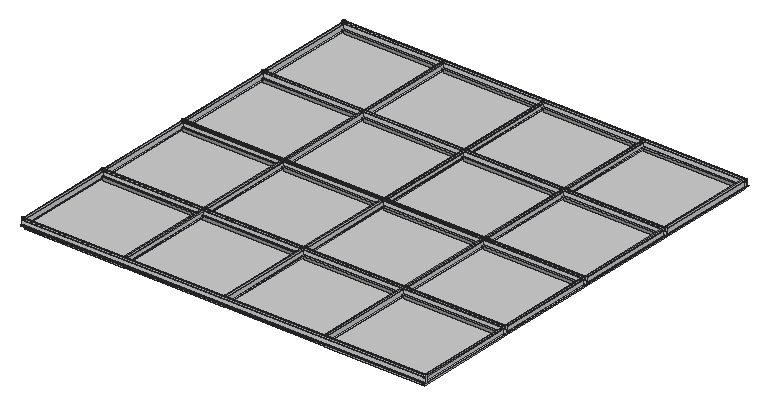
Revit family "GRD-TLE-021_TILE 001_RFA", category Modelos genéricos, Revit 2022 (continued)
Forms (in)
  Extrusion 357, solid, not visible
    sketch origin (48.02754, 106.90856, 0) x (1, 0, 0) y (0, 0, 1)
      loop
        line (0.31489, 2.14095) -> (0.31489, 1.72991)
        arc (0.31489, 1.72991) -> (0.32752, 1.69941) -> (0.35803, 1.68677) r 0.04314
        line (0.35803, 1.68677) -> (0.39803, 1.68677)
        arc (0.39803, 1.68677) -> (0.41512, 1.67969) -> (0.42221, 1.66259) r 0.02418
      loop
        arc (0.33294, 1.7291) -> (0.34005, 1.71194) -> (0.35722, 1.70483) r 0.02428
        line (0.35722, 1.70483) -> (0.39815, 1.70483)
        arc (0.39815, 1.70483) -> (0.42797, 1.69248) -> (0.44023, 1.66266) r 0.04217
        arc (0.44023, 1.66266) -> (0.45258, 1.69248) -> (0.4824, 1.70483) r 0.04217
        line (0.4824, 1.70483) -> (0.52333, 1.70483)
        arc (0.52333, 1.70483) -> (0.54049, 1.71194) -> (0.54761, 1.7291) r 0.02428
        line (0.54761, 1.7291) -> (0.54761, 2.15016) -> (0.45704, 2.24072)
        arc (0.45704, 2.24072) -> (0.44027, 2.24767) -> (0.42351, 2.24072) r 0.02371
        line (0.42351, 2.24072) -> (0.33294, 2.15016) -> (0.33294, 1.7291)
    from 58.93614 to 81.99864
  Extrusion 358, solid, not visible
    sketch origin (72.02767, 106.90856, 0) x (1, 0, 0) y (0, 0, 1)
      loop
        line (0.42221, 1.66259) -> (0.42231, 0.67354)
        arc (0.42231, 0.67354) -> (0.41009, 0.64403) -> (0.38057, 0.6318) r 0.04174
        line (0.38057, 0.6318) -> (-0.00639, 0.6318) -> (-0.00639, 0.59057) -> (0.8874, 0.59057) -> (0.8874, 0.6318) -> (0.49998, 0.6318)
        arc (0.49998, 0.6318) -> (0.47046, 0.64403) -> (0.45824, 0.67354) r 0.04174
        line (0.45824, 0.67354) -> (0.45834, 1.66259)
        arc (0.45834, 1.66259) -> (0.46543, 1.67969) -> (0.48252, 1.68677) r 0.02418
        line (0.48252, 1.68677) -> (0.52252, 1.68677)
        arc (0.52252, 1.68677) -> (0.55303, 1.69941) -> (0.56566, 1.72991) r 0.04314
        line (0.56566, 1.72991) -> (0.56566, 2.14095)
        arc (0.56566, 2.14095) -> (0.5626, 2.15637) -> (0.55386, 2.16944) r 0.04029
        line (0.55386, 2.16944) -> (0.47053, 2.25277)
        arc (0.47053, 2.25277) -> (0.44027, 2.2653) -> (0.41002, 2.25277) r 0.04279
        line (0.41002, 2.25277) -> (0.32669, 2.16944)
        arc (0.32669, 2.16944) -> (0.31795, 2.15637) -> (0.31489, 2.14095) r 0.04029
        line (0.31489, 2.14095) -> (0.31489, 1.72991)
        arc (0.31489, 1.72991) -> (0.32752, 1.69941) -> (0.35803, 1.68677) r 0.04314
        line (0.35803, 1.68677) -> (0.39803, 1.68677)
        arc (0.39803, 1.68677) -> (0.41512, 1.67969) -> (0.42221, 1.66259) r 0.02418
      loop
        arc (0.33294, 1.7291) -> (0.34005, 1.71194) -> (0.35722, 1.70483) r 0.02428
        line (0.35722, 1.70483) -> (0.39815, 1.70483)
        arc (0.39815, 1.70483) -> (0.42797, 1.69248) -> (0.44023, 1.66266) r 0.04217
        arc (0.44023, 1.66266) -> (0.45258, 1.69248) -> (0.4824, 1.70483) r 0.04217
        line (0.4824, 1.70483) -> (0.52333, 1.70483)
        arc (0.52333, 1.70483) -> (0.54049, 1.71194) -> (0.54761, 1.7291) r 0.02428
        line (0.54761, 1.7291) -> (0.54761, 2.15016) -> (0.45704, 2.24072)
        arc (0.45704, 2.24072) -> (0.44027, 2.24767) -> (0.42351, 2.24072) r 0.02371
        line (0.42351, 2.24072) -> (0.33294, 2.15016) -> (0.33294, 1.7291)
    from 58.93614 to 81.99864
  Extrusion 359, solid, not visible
    sketch origin (96.02767, 106.90856, 0) x (1, 0, 0) y (0, 0, 1)
      loop
        line (0.42221, 1.66259) -> (0.42231, 0.67354)
        arc (0.42231, 0.67354) -> (0.41009, 0.64403) -> (0.38057, 0.6318) r 0.04174
        line (0.38057, 0.6318) -> (-0.00639, 0.6318) -> (-0.00639, 0.59057) -> (0.8874, 0.59057) -> (0.8874, 0.6318) -> (0.49998, 0.6318)
        arc (0.49998, 0.6318) -> (0.47046, 0.64403) -> (0.45824, 0.67354) r 0.04174
        line (0.45824, 0.67354) -> (0.45834, 1.66259)
        arc (0.45834, 1.66259) -> (0.46543, 1.67969) -> (0.48252, 1.68677) r 0.02418
        line (0.48252, 1.68677) -> (0.52252, 1.68677)
        arc (0.52252, 1.68677) -> (0.55303, 1.69941) -> (0.56566, 1.72991) r 0.04314
        line (0.56566, 1.72991) -> (0.56566, 2.14095)
        arc (0.56566, 2.14095) -> (0.5626, 2.15637) -> (0.55386, 2.16944) r 0.04029
        line (0.55386, 2.16944) -> (0.47053, 2.25277)
        arc (0.47053, 2.25277) -> (0.44027, 2.2653) -> (0.41002, 2.25277) r 0.04279
        line (0.41002, 2.25277) -> (0.32669, 2.16944)
        arc (0.32669, 2.16944) -> (0.31795, 2.15637) -> (0.31489, 2.14095) r 0.04029
        line (0.31489, 2.14095) -> (0.31489, 1.72991)
        arc (0.31489, 1.72991) -> (0.32752, 1.69941) -> (0.35803, 1.68677) r 0.04314
        line (0.35803, 1.68677) -> (0.39803, 1.68677)
        arc (0.39803, 1.68677) -> (0.41512, 1.67969) -> (0.42221, 1.66259) r 0.02418
      loop
        arc (0.33294, 1.7291) -> (0.34005, 1.71194) -> (0.35722, 1.70483) r 0.02428
        line (0.35722, 1.70483) -> (0.39815, 1.70483)
        arc (0.39815, 1.70483) -> (0.42797, 1.69248) -> (0.44023, 1.66266) r 0.04217
        arc (0.44023, 1.66266) -> (0.45258, 1.69248) -> (0.4824, 1.70483) r 0.04217
        line (0.4824, 1.70483) -> (0.52333, 1.70483)
        arc (0.52333, 1.70483) -> (0.54049, 1.71194) -> (0.54761, 1.7291) r 0.02428
        line (0.54761, 1.7291) -> (0.54761, 2.15016) -> (0.45704, 2.24072)
        arc (0.45704, 2.24072) -> (0.44027, 2.24767) -> (0.42351, 2.24072) r 0.02371
        line (0.42351, 2.24072) -> (0.33294, 2.15016) -> (0.33294, 1.7291)
    from 58.93614 to 81.99864
  Extrusion 360, solid, not visible
    sketch origin (24.02767, 106.90856, 0) x (1, 0, 0) y (0, 0, 1)
      loop
        line (0.42221, 1.66259) -> (0.42231, 0.67354)
        arc (0.42231, 0.67354) -> (0.41009, 0.64403) -> (0.38057, 0.6318) r 0.04174
        line (0.38057, 0.6318) -> (-0.00639, 0.6318) -> (-0.00639, 0.59057) -> (0.8874, 0.59057) -> (0.8874, 0.6318) -> (0.49998, 0.6318)
        arc (0.49998, 0.6318) -> (0.47046, 0.64403) -> (0.45824, 0.67354) r 0.04174
        line (0.45824, 0.67354) -> (0.45834, 1.66259)
        arc (0.45834, 1.66259) -> (0.46543, 1.67969) -> (0.48252, 1.68677) r 0.02418
        line (0.48252, 1.68677) -> (0.52252, 1.68677)
        arc (0.52252, 1.68677) -> (0.55303, 1.69941) -> (0.56566, 1.72991) r 0.04314
        line (0.56566, 1.72991) -> (0.56566, 2.14095)
        arc (0.56566, 2.14095) -> (0.5626, 2.15637) -> (0.55386, 2.16944) r 0.04029
        line (0.55386, 2.16944) -> (0.47053, 2.25277)
        arc (0.47053, 2.25277) -> (0.44027, 2.2653) -> (0.41002, 2.25277) r 0.04279
        line (0.41002, 2.25277) -> (0.32669, 2.16944)
        arc (0.32669, 2.16944) -> (0.31795, 2.15637) -> (0.31489, 2.14095) r 0.04029
        line (0.31489, 2.14095) -> (0.31489, 1.72991)
        arc (0.31489, 1.72991) -> (0.32752, 1.69941) -> (0.35803, 1.68677) r 0.04314
        line (0.35803, 1.68677) -> (0.39803, 1.68677)
        arc (0.39803, 1.68677) -> (0.41512, 1.67969) -> (0.42221, 1.66259) r 0.02418
      loop
        arc (0.33294, 1.7291) -> (0.34005, 1.71194) -> (0.35722, 1.70483) r 0.02428
        line (0.35722, 1.70483) -> (0.39815, 1.70483)
        arc (0.39815, 1.70483) -> (0.42797, 1.69248) -> (0.44023, 1.66266) r 0.04217
        arc (0.44023, 1.66266) -> (0.45258, 1.69248) -> (0.4824, 1.70483) r 0.04217
        line (0.4824, 1.70483) -> (0.52333, 1.70483)
        arc (0.52333, 1.70483) -> (0.54049, 1.71194) -> (0.54761, 1.7291) r 0.02428
        line (0.54761, 1.7291) -> (0.54761, 2.15016) -> (0.45704, 2.24072)
        arc (0.45704, 2.24072) -> (0.44027, 2.24767) -> (0.42351, 2.24072) r 0.02371
        line (0.42351, 2.24072) -> (0.33294, 2.15016) -> (0.33294, 1.7291)
    from 58.93614 to 81.99864
  Extrusion 361, solid, not visible
    sketch origin (0.02767, 106.90856, 0) x (1, 0, 0) y (0, 0, 1)
      loop
        line (0.42221, 1.66259) -> (0.42231, 0.67354)
        arc (0.42231, 0.67354) -> (0.41009, 0.64403) -> (0.38057, 0.6318) r 0.04174
        line (0.38057, 0.6318) -> (-0.00639, 0.6318) -> (-0.00639, 0.59057) -> (0.8874, 0.59057) -> (0.8874, 0.6318) -> (0.49998, 0.6318)
        arc (0.49998, 0.6318) -> (0.47046, 0.64403) -> (0.45824, 0.67354) r 0.04174
        line (0.45824, 0.67354) -> (0.45834, 1.66259)
        arc (0.45834, 1.66259) -> (0.46543, 1.67969) -> (0.48252, 1.68677) r 0.02418
        line (0.48252, 1.68677) -> (0.52252, 1.68677)
        arc (0.52252, 1.68677) -> (0.55303, 1.69941) -> (0.56566, 1.72991) r 0.04314
        line (0.56566, 1.72991) -> (0.56566, 2.14095)
        arc (0.56566, 2.14095) -> (0.5626, 2.15637) -> (0.55386, 2.16944) r 0.04029
        line (0.55386, 2.16944) -> (0.47053, 2.25277)
        arc (0.47053, 2.25277) -> (0.44027, 2.2653) -> (0.41002, 2.25277) r 0.04279
        line (0.41002, 2.25277) -> (0.32669, 2.16944)
        arc (0.32669, 2.16944) -> (0.31795, 2.15637) -> (0.31489, 2.14095) r 0.04029
        line (0.31489, 2.14095) -> (0.31489, 1.72991)
        arc (0.31489, 1.72991) -> (0.32752, 1.69941) -> (0.35803, 1.68677) r 0.04314
        line (0.35803, 1.68677) -> (0.39803, 1.68677)
        arc (0.39803, 1.68677) -> (0.41512, 1.67969) -> (0.42221, 1.66259) r 0.02418
      loop
        arc (0.33294, 1.7291) -> (0.34005, 1.71194) -> (0.35722, 1.70483) r 0.02428
        line (0.35722, 1.70483) -> (0.39815, 1.70483)
        arc (0.39815, 1.70483) -> (0.42797, 1.69248) -> (0.44023, 1.66266) r 0.04217
        arc (0.44023, 1.66266) -> (0.45258, 1.69248) -> (0.4824, 1.70483) r 0.04217
        line (0.4824, 1.70483) -> (0.52333, 1.70483)
        arc (0.52333, 1.70483) -> (0.54049, 1.71194) -> (0.54761, 1.7291) r 0.02428
        line (0.54761, 1.7291) -> (0.54761, 2.15016) -> (0.45704, 2.24072)
        arc (0.45704, 2.24072) -> (0.44027, 2.24767) -> (0.42351, 2.24072) r 0.02371
        line (0.42351, 2.24072) -> (0.33294, 2.15016) -> (0.33294, 1.7291)
    from 58.93614 to 81.99864
  Extrusion 362, solid, not visible
    sketch origin (48.02754, 82.90856, 0) x (1, 0, 0) y (0, 0, 1)
      loop
        line (0.42221, 1.66259) -> (0.42231, 0.67354)
        arc (0.42231, 0.67354) -> (0.41009, 0.64403) -> (0.38057, 0.6318) r 0.04174
        line (0.38057, 0.6318) -> (-0.00639, 0.6318) -> (-0.00639, 0.59057) -> (0.8874, 0.59057) -> (0.8874, 0.6318) -> (0.49998, 0.6318)
        arc (0.49998, 0.6318) -> (0.47046, 0.64403) -> (0.45824, 0.67354) r 0.04174
        line (0.45824, 0.67354) -> (0.45834, 1.66259)
        arc (0.45834, 1.66259) -> (0.46543, 1.67969) -> (0.48252, 1.68677) r 0.02418
        line (0.48252, 1.68677) -> (0.52252, 1.68677)
        arc (0.52252, 1.68677) -> (0.55303, 1.69941) -> (0.56566, 1.72991) r 0.04314
        line (0.56566, 1.72991) -> (0.56566, 2.14095)
        arc (0.56566, 2.14095) -> (0.5626, 2.15637) -> (0.55386, 2.16944) r 0.04029
        line (0.55386, 2.16944) -> (0.47053, 2.25277)
        arc (0.47053, 2.25277) -> (0.44027, 2.2653) -> (0.41002, 2.25277) r 0.04279
        line (0.41002, 2.25277) -> (0.32669, 2.16944)
        arc (0.32669, 2.16944) -> (0.31795, 2.15637) -> (0.31489, 2.14095) r 0.04029
        line (0.31489, 2.14095) -> (0.31489, 1.72991)
        arc (0.31489, 1.72991) -> (0.32752, 1.69941) -> (0.35803, 1.68677) r 0.04314
        line (0.35803, 1.68677) -> (0.39803, 1.68677)
        arc (0.39803, 1.68677) -> (0.41512, 1.67969) -> (0.42221, 1.66259) r 0.02418
      loop
        arc (0.33294, 1.7291) -> (0.34005, 1.71194) -> (0.35722, 1.70483) r 0.02428
        line (0.35722, 1.70483) -> (0.39815, 1.70483)
        arc (0.39815, 1.70483) -> (0.42797, 1.69248) -> (0.44023, 1.66266) r 0.04217
        arc (0.44023, 1.66266) -> (0.45258, 1.69248) -> (0.4824, 1.70483) r 0.04217
        line (0.4824, 1.70483) -> (0.52333, 1.70483)
        arc (0.52333, 1.70483) -> (0.54049, 1.71194) -> (0.54761, 1.7291) r 0.02428
        line (0.54761, 1.7291) -> (0.54761, 2.15016) -> (0.45704, 2.24072)
        arc (0.45704, 2.24072) -> (0.44027, 2.24767) -> (0.42351, 2.24072) r 0.02371
        line (0.42351, 2.24072) -> (0.33294, 2.15016) -> (0.33294, 1.7291)
    from 58.93614 to 81.99864
  Extrusion 363, solid, not visible
    sketch origin (72.02767, 82.90856, 0) x (1, 0, 0) y (0, 0, 1)
      loop
        line (0.42221, 1.66259) -> (0.42231, 0.67354)
        arc (0.42231, 0.67354) -> (0.41009, 0.64403) -> (0.38057, 0.6318) r 0.04174
        line (0.38057, 0.6318) -> (-0.00639, 0.6318) -> (-0.00639, 0.59057) -> (0.8874, 0.59057) -> (0.8874, 0.6318) -> (0.49998, 0.6318)
        arc (0.49998, 0.6318) -> (0.47046, 0.64403) -> (0.45824, 0.67354) r 0.04174
        line (0.45824, 0.67354) -> (0.45834, 1.66259)
        arc (0.45834, 1.66259) -> (0.46543, 1.67969) -> (0.48252, 1.68677) r 0.02418
        line (0.48252, 1.68677) -> (0.52252, 1.68677)
        arc (0.52252, 1.68677) -> (0.55303, 1.69941) -> (0.56566, 1.72991) r 0.04314
        line (0.56566, 1.72991) -> (0.56566, 2.14095)
        arc (0.56566, 2.14095) -> (0.5626, 2.15637) -> (0.55386, 2.16944) r 0.04029
        line (0.55386, 2.16944) -> (0.47053, 2.25277)
        arc (0.47053, 2.25277) -> (0.44027, 2.2653) -> (0.41002, 2.25277) r 0.04279
        line (0.41002, 2.25277) -> (0.32669, 2.16944)
        arc (0.32669, 2.16944) -> (0.31795, 2.15637) -> (0.31489, 2.14095) r 0.04029
        line (0.31489, 2.14095) -> (0.31489, 1.72991)
        arc (0.31489, 1.72991) -> (0.32752, 1.69941) -> (0.35803, 1.68677) r 0.04314
        line (0.35803, 1.68677) -> (0.39803, 1.68677)
        arc (0.39803, 1.68677) -> (0.41512, 1.67969) -> (0.42221, 1.66259) r 0.02418
      loop
        arc (0.33294, 1.7291) -> (0.34005, 1.71194) -> (0.35722, 1.70483) r 0.02428
        line (0.35722, 1.70483) -> (0.39815, 1.70483)
        arc (0.39815, 1.70483) -> (0.42797, 1.69248) -> (0.44023, 1.66266) r 0.04217
        arc (0.44023, 1.66266) -> (0.45258, 1.69248) -> (0.4824, 1.70483) r 0.04217
        line (0.4824, 1.70483) -> (0.52333, 1.70483)
        arc (0.52333, 1.70483) -> (0.54049, 1.71194) -> (0.54761, 1.7291) r 0.02428
        line (0.54761, 1.7291) -> (0.54761, 2.15016) -> (0.45704, 2.24072)
        arc (0.45704, 2.24072) -> (0.44027, 2.24767) -> (0.42351, 2.24072) r 0.02371
        line (0.42351, 2.24072) -> (0.33294, 2.15016) -> (0.33294, 1.7291)
    from 58.93614 to 81.99864
  Extrusion 364, solid, not visible
    sketch origin (96.02767, 82.90856, 0) x (1, 0, 0) y (0, 0, 1)
      loop
        line (0.42221, 1.66259) -> (0.42231, 0.67354)
        arc (0.42231, 0.67354) -> (0.41009, 0.64403) -> (0.38057, 0.6318) r 0.04174
        line (0.38057, 0.6318) -> (-0.00639, 0.6318) -> (-0.00639, 0.59057) -> (0.8874, 0.59057) -> (0.8874, 0.6318) -> (0.49998, 0.6318)
        arc (0.49998, 0.6318) -> (0.47046, 0.64403) -> (0.45824, 0.67354) r 0.04174
        line (0.45824, 0.67354) -> (0.45834, 1.66259)
        arc (0.45834, 1.66259) -> (0.46543, 1.67969) -> (0.48252, 1.68677) r 0.02418
        line (0.48252, 1.68677) -> (0.52252, 1.68677)
        arc (0.52252, 1.68677) -> (0.55303, 1.69941) -> (0.56566, 1.72991) r 0.04314
        line (0.56566, 1.72991) -> (0.56566, 2.14095)
        arc (0.56566, 2.14095) -> (0.5626, 2.15637) -> (0.55386, 2.16944) r 0.04029
        line (0.55386, 2.16944) -> (0.47053, 2.25277)
        arc (0.47053, 2.25277) -> (0.44027, 2.2653) -> (0.41002, 2.25277) r 0.04279
        line (0.41002, 2.25277) -> (0.32669, 2.16944)
        arc (0.32669, 2.16944) -> (0.31795, 2.15637) -> (0.31489, 2.14095) r 0.04029
        line (0.31489, 2.14095) -> (0.31489, 1.72991)
        arc (0.31489, 1.72991) -> (0.32752, 1.69941) -> (0.35803, 1.68677) r 0.04314
        line (0.35803, 1.68677) -> (0.39803, 1.68677)
        arc (0.39803, 1.68677) -> (0.41512, 1.67969) -> (0.42221, 1.66259) r 0.02418
      loop
        arc (0.33294, 1.7291) -> (0.34005, 1.71194) -> (0.35722, 1.70483) r 0.02428
        line (0.35722, 1.70483) -> (0.39815, 1.70483)
        arc (0.39815, 1.70483) -> (0.42797, 1.69248) -> (0.44023, 1.66266) r 0.04217
        arc (0.44023, 1.66266) -> (0.45258, 1.69248) -> (0.4824, 1.70483) r 0.04217
        line (0.4824, 1.70483) -> (0.52333, 1.70483)
        arc (0.52333, 1.70483) -> (0.54049, 1.71194) -> (0.54761, 1.7291) r 0.02428
        line (0.54761, 1.7291) -> (0.54761, 2.15016) -> (0.45704, 2.24072)
        arc (0.45704, 2.24072) -> (0.44027, 2.24767) -> (0.42351, 2.24072) r 0.02371
        line (0.42351, 2.24072) -> (0.33294, 2.15016) -> (0.33294, 1.7291)
    from 58.93614 to 81.99864
  Extrusion 365, solid, not visible
    sketch origin (24.02767, 82.90856, 0) x (1, 0, 0) y (0, 0, 1)
      loop
        line (0.42221, 1.66259) -> (0.42231, 0.67354)
        arc (0.42231, 0.67354) -> (0.41009, 0.64403) -> (0.38057, 0.6318) r 0.04174
        line (0.38057, 0.6318) -> (-0.00639, 0.6318) -> (-0.00639, 0.59057) -> (0.8874, 0.59057) -> (0.8874, 0.6318) -> (0.49998, 0.6318)
        arc (0.49998, 0.6318) -> (0.47046, 0.64403) -> (0.45824, 0.67354) r 0.04174
        line (0.45824, 0.67354) -> (0.45834, 1.66259)
        arc (0.45834, 1.66259) -> (0.46543, 1.67969) -> (0.48252, 1.68677) r 0.02418
        line (0.48252, 1.68677) -> (0.52252, 1.68677)
        arc (0.52252, 1.68677) -> (0.55303, 1.69941) -> (0.56566, 1.72991) r 0.04314
        line (0.56566, 1.72991) -> (0.56566, 2.14095)
        arc (0.56566, 2.14095) -> (0.5626, 2.15637) -> (0.55386, 2.16944) r 0.04029
        line (0.55386, 2.16944) -> (0.47053, 2.25277)
        arc (0.47053, 2.25277) -> (0.44027, 2.2653) -> (0.41002, 2.25277) r 0.04279
        line (0.41002, 2.25277) -> (0.32669, 2.16944)
        arc (0.32669, 2.16944) -> (0.31795, 2.15637) -> (0.31489, 2.14095) r 0.04029
        line (0.31489, 2.14095) -> (0.31489, 1.72991)
        arc (0.31489, 1.72991) -> (0.32752, 1.69941) -> (0.35803, 1.68677) r 0.04314
        line (0.35803, 1.68677) -> (0.39803, 1.68677)
        arc (0.39803, 1.68677) -> (0.41512, 1.67969) -> (0.42221, 1.66259) r 0.02418
      loop
        arc (0.33294, 1.7291) -> (0.34005, 1.71194) -> (0.35722, 1.70483) r 0.02428
        line (0.35722, 1.70483) -> (0.39815, 1.70483)
        arc (0.39815, 1.70483) -> (0.42797, 1.69248) -> (0.44023, 1.66266) r 0.04217
        arc (0.44023, 1.66266) -> (0.45258, 1.69248) -> (0.4824, 1.70483) r 0.04217
        line (0.4824, 1.70483) -> (0.52333, 1.70483)
        arc (0.52333, 1.70483) -> (0.54049, 1.71194) -> (0.54761, 1.7291) r 0.02428
        line (0.54761, 1.7291) -> (0.54761, 2.15016) -> (0.45704, 2.24072)
        arc (0.45704, 2.24072) -> (0.44027, 2.24767) -> (0.42351, 2.24072) r 0.02371
        line (0.42351, 2.24072) -> (0.33294, 2.15016) -> (0.33294, 1.7291)
    from 58.93614 to 81.99864
  Extrusion 366, solid, not visible
    sketch origin (0.02767, 82.90856, 0) x (1, 0, 0) y (0, 0, 1)
      loop
        line (0.42221, 1.66259) -> (0.42231, 0.67354)
        arc (0.42231, 0.67354) -> (0.41009, 0.64403) -> (0.38057, 0.6318) r 0.04174
        line (0.38057, 0.6318) -> (-0.00639, 0.6318) -> (-0.00639, 0.59057) -> (0.8874, 0.59057) -> (0.8874, 0.6318) -> (0.49998, 0.6318)
        arc (0.49998, 0.6318) -> (0.47046, 0.64403) -> (0.45824, 0.67354) r 0.04174
        line (0.45824, 0.67354) -> (0.45834, 1.66259)
        arc (0.45834, 1.66259) -> (0.46543, 1.67969) -> (0.48252, 1.68677) r 0.02418
        line (0.48252, 1.68677) -> (0.52252, 1.68677)
        arc (0.52252, 1.68677) -> (0.55303, 1.69941) -> (0.56566, 1.72991) r 0.04314
        line (0.56566, 1.72991) -> (0.56566, 2.14095)
        arc (0.56566, 2.14095) -> (0.5626, 2.15637) -> (0.55386, 2.16944) r 0.04029
        line (0.55386, 2.16944) -> (0.47053, 2.25277)
        arc (0.47053, 2.25277) -> (0.44027, 2.2653) -> (0.41002, 2.25277) r 0.04279
        line (0.41002, 2.25277) -> (0.32669, 2.16944)
        arc (0.32669, 2.16944) -> (0.31795, 2.15637) -> (0.31489, 2.14095) r 0.04029
        line (0.31489, 2.14095) -> (0.31489, 1.72991)
        arc (0.31489, 1.72991) -> (0.32752, 1.69941) -> (0.35803, 1.68677) r 0.04314
        line (0.35803, 1.68677) -> (0.39803, 1.68677)
        arc (0.39803, 1.68677) -> (0.41512, 1.67969) -> (0.42221, 1.66259) r 0.02418
      loop
        arc (0.33294, 1.7291) -> (0.34005, 1.71194) -> (0.35722, 1.70483) r 0.02428
        line (0.35722, 1.70483) -> (0.39815, 1.70483)
        arc (0.39815, 1.70483) -> (0.42797, 1.69248) -> (0.44023, 1.66266) r 0.04217
        arc (0.44023, 1.66266) -> (0.45258, 1.69248) -> (0.4824, 1.70483) r 0.04217
        line (0.4824, 1.70483) -> (0.52333, 1.70483)
        arc (0.52333, 1.70483) -> (0.54049, 1.71194) -> (0.54761, 1.7291) r 0.02428
        line (0.54761, 1.7291) -> (0.54761, 2.15016) -> (0.45704, 2.24072)
        arc (0.45704, 2.24072) -> (0.44027, 2.24767) -> (0.42351, 2.24072) r 0.02371
        line (0.42351, 2.24072) -> (0.33294, 2.15016) -> (0.33294, 1.7291)
    from 58.93614 to 81.99864
  Extrusion 367, solid, not visible
    sketch origin (0, 0, 0) x (1, 0, 0) y (0, 1, 0)
      loop
        line (24.37331, 0.56251) -> (24.37331, 24.37501) -> (0.56081, 24.37501) -> (0.56081, 0.56251) -> (24.37331, 0.56251)
    from -0.14799 to 0.32867
  Extrusion 368, solid, not visible
    sketch origin (0, 0, 0) x (1, 0, 0) y (0, 0, 1)
      loop
        line (1.09883, 0.09247) -> (23.8353, 0.09247) -> (23.8353, 0.66306) -> (24.0853, 0.66306) -> (24.34206, 0.66306) -> (24.34206, 0.81527) -> (24.21368, 0.96747) -> (0.72045, 0.96747) -> (0.59206, 0.81527) -> (0.59206, 0.66306) -> (0.84883, 0.66306) -> (1.09883, 0.66306) -> (1.09883, 0.09247)
    from -1.53248 to -1.06251
  Extrusion 369, solid, not visible
    sketch origin (0, 22.34253, 0) x (1, 0, 0) y (0, 0, 1)
      loop
        line (1.09883, 0.09247) -> (23.8353, 0.09247) -> (23.8353, 0.66306) -> (24.0853, 0.66306) -> (24.34206, 0.66306) -> (24.34206, 0.81527) -> (24.21368, 0.96747) -> (0.72045, 0.96747) -> (0.59206, 0.81527) -> (0.59206, 0.66306) -> (0.84883, 0.66306) -> (1.09883, 0.66306) -> (1.09883, 0.09247)
    from -1.53248 to -1.06251
  Extrusion 370, solid, not visible
    sketch origin (24, 0, 0) x (1, 0, 0) y (0, 1, 0)
      loop
        line (24.37331, 0.56251) -> (24.37331, 24.37501) -> (0.56081, 24.37501) -> (0.56081, 0.56251) -> (24.37331, 0.56251)
    from -0.14799 to 0.32867
  Extrusion 371, solid, not visible
    sketch origin (24, 0, 0) x (1, 0, 0) y (0, 0, 1)
      loop
        line (1.09883, 0.09247) -> (23.8353, 0.09247) -> (23.8353, 0.66306) -> (24.0853, 0.66306) -> (24.34206, 0.66306) -> (24.34206, 0.81527) -> (24.21368, 0.96747) -> (0.72045, 0.96747) -> (0.59206, 0.81527) -> (0.59206, 0.66306) -> (0.84883, 0.66306) -> (1.09883, 0.66306) -> (1.09883, 0.09247)
    from -1.53248 to -1.06251
  Extrusion 372, solid, not visible
    sketch origin (24, 22.34253, 0) x (1, 0, 0) y (0, 0, 1)
      loop
        line (1.09883, 0.09247) -> (23.8353, 0.09247) -> (23.8353, 0.66306) -> (24.0853, 0.66306) -> (24.34206, 0.66306) -> (24.34206, 0.81527) -> (24.21368, 0.96747) -> (0.72045, 0.96747) -> (0.59206, 0.81527) -> (0.59206, 0.66306) -> (0.84883, 0.66306) -> (1.09883, 0.66306) -> (1.09883, 0.09247)
    from -1.53248 to -1.06251
  Extrusion 373, solid, not visible
    sketch origin (48, 0, 0) x (1, 0, 0) y (0, 1, 0)
      loop
        line (24.37331, 0.56251) -> (24.37331, 24.37501) -> (0.56081, 24.37501) -> (0.56081, 0.56251) -> (24.37331, 0.56251)
    from -0.14799 to 0.32867
  Extrusion 374, solid, not visible
    sketch origin (48, 0, 0) x (1, 0, 0) y (0, 0, 1)
      loop
        line (1.09883, 0.09247) -> (23.8353, 0.09247) -> (23.8353, 0.66306) -> (24.0853, 0.66306) -> (24.34206, 0.66306) -> (24.34206, 0.81527) -> (24.21368, 0.96747) -> (0.72045, 0.96747) -> (0.59206, 0.81527) -> (0.59206, 0.66306) -> (0.84883, 0.66306) -> (1.09883, 0.66306) -> (1.09883, 0.09247)
    from -1.53248 to -1.06251
  Extrusion 375, solid, not visible
    sketch origin (48, 22.34253, 0) x (1, 0, 0) y (0, 0, 1)
      loop
        line (1.09883, 0.09247) -> (23.8353, 0.09247) -> (23.8353, 0.66306) -> (24.0853, 0.66306) -> (24.34206, 0.66306) -> (24.34206, 0.81527) -> (24.21368, 0.96747) -> (0.72045, 0.96747) -> (0.59206, 0.81527) -> (0.59206, 0.66306) -> (0.84883, 0.66306) -> (1.09883, 0.66306) -> (1.09883, 0.09247)
    from -1.53248 to -1.06251
  Extrusion 376, solid, not visible
    sketch origin (72, 0, 0) x (1, 0, 0) y (0, 1, 0)
      loop
        line (24.37331, 0.56251) -> (24.37331, 24.37501) -> (0.56081, 24.37501) -> (0.56081, 0.56251) -> (24.37331, 0.56251)
    from -0.14799 to 0.32867
  Extrusion 377, solid, not visible
    sketch origin (72, 0, 0) x (1, 0, 0) y (0, 0, 1)
      loop
        line (1.09883, 0.09247) -> (23.8353, 0.09247) -> (23.8353, 0.66306) -> (24.0853, 0.66306) -> (24.34206, 0.66306) -> (24.34206, 0.81527) -> (24.21368, 0.96747) -> (0.72045, 0.96747) -> (0.59206, 0.81527) -> (0.59206, 0.66306) -> (0.84883, 0.66306) -> (1.09883, 0.66306) -> (1.09883, 0.09247)
    from -1.53248 to -1.06251
  Extrusion 378, solid, not visible
    sketch origin (72, 22.34253, 0) x (1, 0, 0) y (0, 0, 1)
      loop
        line (1.09883, 0.09247) -> (23.8353, 0.09247) -> (23.8353, 0.66306) -> (24.0853, 0.66306) -> (24.34206, 0.66306) -> (24.34206, 0.81527) -> (24.21368, 0.96747) -> (0.72045, 0.96747) -> (0.59206, 0.81527) -> (0.59206, 0.66306) -> (0.84883, 0.66306) -> (1.09883, 0.66306) -> (1.09883, 0.09247)
    from -1.53248 to -1.06251
  Extrusion 379, solid, not visible
    sketch origin (0, 24, 0) x (1, 0, 0) y (0, 1, 0)
      loop
        line (24.37331, 0.56251) -> (24.37331, 24.37501) -> (0.56081, 24.37501) -> (0.56081, 0.56251) -> (24.37331, 0.56251)
    from -0.14799 to 0.32867
  Extrusion 380, solid, not visible
    sketch origin (0, 24, 0) x (1, 0, 0) y (0, 0, 1)
      loop
        line (1.09883, 0.09247) -> (23.8353, 0.09247) -> (23.8353, 0.66306) -> (24.0853, 0.66306) -> (24.34206, 0.66306) -> (24.34206, 0.81527) -> (24.21368, 0.96747) -> (0.72045, 0.96747) -> (0.59206, 0.81527) -> (0.59206, 0.66306) -> (0.84883, 0.66306) -> (1.09883, 0.66306) -> (1.09883, 0.09247)
    from -1.53248 to -1.06251
  Extrusion 381, solid, not visible
    sketch origin (0, 46.34253, 0) x (1, 0, 0) y (0, 0, 1)
      loop
        line (1.09883, 0.09247) -> (23.8353, 0.09247) -> (23.8353, 0.66306) -> (24.0853, 0.66306) -> (24.34206, 0.66306) -> (24.34206, 0.81527) -> (24.21368, 0.96747) -> (0.72045, 0.96747) -> (0.59206, 0.81527) -> (0.59206, 0.66306) -> (0.84883, 0.66306) -> (1.09883, 0.66306) -> (1.09883, 0.09247)
    from -1.53248 to -1.06251
  Extrusion 382, solid, not visible
    sketch origin (24, 24, 0) x (1, 0, 0) y (0, 1, 0)
      loop
        line (24.37331, 0.56251) -> (24.37331, 24.37501) -> (0.56081, 24.37501) -> (0.56081, 0.56251) -> (24.37331, 0.56251)
    from -0.14799 to 0.32867
  Extrusion 383, solid, not visible
    sketch origin (24, 24, 0) x (1, 0, 0) y (0, 0, 1)
      loop
        line (1.09883, 0.09247) -> (23.8353, 0.09247) -> (23.8353, 0.66306) -> (24.0853, 0.66306) -> (24.34206, 0.66306) -> (24.34206, 0.81527) -> (24.21368, 0.96747) -> (0.72045, 0.96747) -> (0.59206, 0.81527) -> (0.59206, 0.66306) -> (0.84883, 0.66306) -> (1.09883, 0.66306) -> (1.09883, 0.09247)
    from -1.53248 to -1.06251
  Extrusion 384, solid, not visible
    sketch origin (24, 46.34253, 0) x (1, 0, 0) y (0, 0, 1)
      loop
        line (1.09883, 0.09247) -> (23.8353, 0.09247) -> (23.8353, 0.66306) -> (24.0853, 0.66306) -> (24.34206, 0.66306) -> (24.34206, 0.81527) -> (24.21368, 0.96747) -> (0.72045, 0.96747) -> (0.59206, 0.81527) -> (0.59206, 0.66306) -> (0.84883, 0.66306) -> (1.09883, 0.66306) -> (1.09883, 0.09247)
    from -1.53248 to -1.06251
  Extrusion 385, solid, not visible
    sketch origin (48, 24, 0) x (1, 0, 0) y (0, 1, 0)
      loop
        line (24.37331, 0.56251) -> (24.37331, 24.37501) -> (0.56081, 24.37501) -> (0.56081, 0.56251) -> (24.37331, 0.56251)
    from -0.14799 to 0.32867
  Extrusion 386, solid, not visible
    sketch origin (48, 24, 0) x (1, 0, 0) y (0, 0, 1)
      loop
        line (1.09883, 0.09247) -> (23.8353, 0.09247) -> (23.8353, 0.66306) -> (24.0853, 0.66306) -> (24.34206, 0.66306) -> (24.34206, 0.81527) -> (24.21368, 0.96747) -> (0.72045, 0.96747) -> (0.59206, 0.81527) -> (0.59206, 0.66306) -> (0.84883, 0.66306) -> (1.09883, 0.66306) -> (1.09883, 0.09247)
    from -1.53248 to -1.06251
  Extrusion 387, solid, not visible
    sketch origin (48, 46.34253, 0) x (1, 0, 0) y (0, 0, 1)
      loop
        line (1.09883, 0.09247) -> (23.8353, 0.09247) -> (23.8353, 0.66306) -> (24.0853, 0.66306) -> (24.34206, 0.66306) -> (24.34206, 0.81527) -> (24.21368, 0.96747) -> (0.72045, 0.96747) -> (0.59206, 0.81527) -> (0.59206, 0.66306) -> (0.84883, 0.66306) -> (1.09883, 0.66306) -> (1.09883, 0.09247)
    from -1.53248 to -1.06251
  Extrusion 388, solid, not visible
    sketch origin (72, 24, 0) x (1, 0, 0) y (0, 1, 0)
      loop
        line (24.37331, 0.56251) -> (24.37331, 24.37501) -> (0.56081, 24.37501) -> (0.56081, 0.56251) -> (24.37331, 0.56251)
    from -0.14799 to 0.32867
  Extrusion 389, solid, not visible
    sketch origin (72, 24, 0) x (1, 0, 0) y (0, 0, 1)
      loop
        line (1.09883, 0.09247) -> (23.8353, 0.09247) -> (23.8353, 0.66306) -> (24.0853, 0.66306) -> (24.34206, 0.66306) -> (24.34206, 0.81527) -> (24.21368, 0.96747) -> (0.72045, 0.96747) -> (0.59206, 0.81527) -> (0.59206, 0.66306) -> (0.84883, 0.66306) -> (1.09883, 0.66306) -> (1.09883, 0.09247)
    from -1.53248 to -1.06251
  Extrusion 390, solid, not visible
    sketch origin (72, 46.34253, 0) x (1, 0, 0) y (0, 0, 1)
      loop
        line (1.09883, 0.09247) -> (23.8353, 0.09247) -> (23.8353, 0.66306) -> (24.0853, 0.66306) -> (24.34206, 0.66306) -> (24.34206, 0.81527) -> (24.21368, 0.96747) -> (0.72045, 0.96747) -> (0.59206, 0.81527) -> (0.59206, 0.66306) -> (0.84883, 0.66306) -> (1.09883, 0.66306) -> (1.09883, 0.09247)
    from -1.53248 to -1.06251
  Extrusion 391, solid, not visible
    sketch origin (0, 48, 0) x (1, 0, 0) y (0, 1, 0)
      loop
        line (24.37331, 0.56251) -> (24.37331, 24.37501) -> (0.56081, 24.37501) -> (0.56081, 0.56251) -> (24.37331, 0.56251)
    from -0.14799 to 0.32867
  Extrusion 392, solid, not visible
    sketch origin (0, 48, 0) x (1, 0, 0) y (0, 0, 1)
      loop
        line (1.09883, 0.09247) -> (23.8353, 0.09247) -> (23.8353, 0.66306) -> (24.0853, 0.66306) -> (24.34206, 0.66306) -> (24.34206, 0.81527) -> (24.21368, 0.96747) -> (0.72045, 0.96747) -> (0.59206, 0.81527) -> (0.59206, 0.66306) -> (0.84883, 0.66306) -> (1.09883, 0.66306) -> (1.09883, 0.09247)
    from -1.53248 to -1.06251
  Extrusion 393, solid, not visible
    sketch origin (0, 70.34253, 0) x (1, 0, 0) y (0, 0, 1)
      loop
        line (1.09883, 0.09247) -> (23.8353, 0.09247) -> (23.8353, 0.66306) -> (24.0853, 0.66306) -> (24.34206, 0.66306) -> (24.34206, 0.81527) -> (24.21368, 0.96747) -> (0.72045, 0.96747) -> (0.59206, 0.81527) -> (0.59206, 0.66306) -> (0.84883, 0.66306) -> (1.09883, 0.66306) -> (1.09883, 0.09247)
    from -1.53248 to -1.06251
  Extrusion 394, solid, not visible
    sketch origin (24, 48, 0) x (1, 0, 0) y (0, 1, 0)
      loop
        line (24.37331, 0.56251) -> (24.37331, 24.37501) -> (0.56081, 24.37501) -> (0.56081, 0.56251) -> (24.37331, 0.56251)
    from -0.14799 to 0.32867
  Extrusion 395, solid, not visible
    sketch origin (24, 48, 0) x (1, 0, 0) y (0, 0, 1)
      loop
        line (1.09883, 0.09247) -> (23.8353, 0.09247) -> (23.8353, 0.66306) -> (24.0853, 0.66306) -> (24.34206, 0.66306) -> (24.34206, 0.81527) -> (24.21368, 0.96747) -> (0.72045, 0.96747) -> (0.59206, 0.81527) -> (0.59206, 0.66306) -> (0.84883, 0.66306) -> (1.09883, 0.66306) -> (1.09883, 0.09247)
    from -1.53248 to -1.06251
  Extrusion 396, solid, not visible
    sketch origin (24, 70.34253, 0) x (1, 0, 0) y (0, 0, 1)
      loop
        line (1.09883, 0.09247) -> (23.8353, 0.09247) -> (23.8353, 0.66306) -> (24.0853, 0.66306) -> (24.34206, 0.66306) -> (24.34206, 0.81527) -> (24.21368, 0.96747) -> (0.72045, 0.96747) -> (0.59206, 0.81527) -> (0.59206, 0.66306) -> (0.84883, 0.66306) -> (1.09883, 0.66306) -> (1.09883, 0.09247)
    from -1.53248 to -1.06251
  Extrusion 397, solid, not visible
    sketch origin (48, 48, 0) x (1, 0, 0) y (0, 1, 0)
      loop
        line (24.37331, 0.56251) -> (24.37331, 24.37501) -> (0.56081, 24.37501) -> (0.56081, 0.56251) -> (24.37331, 0.56251)
    from -0.14799 to 0.32867
  Extrusion 398, solid, not visible
    sketch origin (48, 48, 0) x (1, 0, 0) y (0, 0, 1)
      loop
        line (1.09883, 0.09247) -> (23.8353, 0.09247) -> (23.8353, 0.66306) -> (24.0853, 0.66306) -> (24.34206, 0.66306) -> (24.34206, 0.81527) -> (24.21368, 0.96747) -> (0.72045, 0.96747) -> (0.59206, 0.81527) -> (0.59206, 0.66306) -> (0.84883, 0.66306) -> (1.09883, 0.66306) -> (1.09883, 0.09247)
    from -1.53248 to -1.06251
  Extrusion 399, solid, not visible
    sketch origin (48, 70.34253, 0) x (1, 0, 0) y (0, 0, 1)
      loop
        line (1.09883, 0.09247) -> (23.8353, 0.09247) -> (23.8353, 0.66306) -> (24.0853, 0.66306) -> (24.34206, 0.66306) -> (24.34206, 0.81527) -> (24.21368, 0.96747) -> (0.72045, 0.96747) -> (0.59206, 0.81527) -> (0.59206, 0.66306) -> (0.84883, 0.66306) -> (1.09883, 0.66306) -> (1.09883, 0.09247)
    from -1.53248 to -1.06251
  Extrusion 400, solid, not visible
    sketch origin (72, 48, 0) x (1, 0, 0) y (0, 1, 0)
      loop
        line (24.37331, 0.56251) -> (24.37331, 24.37501) -> (0.56081, 24.37501) -> (0.56081, 0.56251) -> (24.37331, 0.56251)
    from -0.14799 to 0.32867
  Extrusion 401, solid, not visible
    sketch origin (72, 48, 0) x (1, 0, 0) y (0, 0, 1)
      loop
        line (1.09883, 0.09247) -> (23.8353, 0.09247) -> (23.8353, 0.66306) -> (24.0853, 0.66306) -> (24.34206, 0.66306) -> (24.34206, 0.81527) -> (24.21368, 0.96747) -> (0.72045, 0.96747) -> (0.59206, 0.81527) -> (0.59206, 0.66306) -> (0.84883, 0.66306) -> (1.09883, 0.66306) -> (1.09883, 0.09247)
    from -1.53248 to -1.06251
  Extrusion 402, solid, not visible
    sketch origin (72, 70.34253, 0) x (1, 0, 0) y (0, 0, 1)
      loop
        line (1.09883, 0.09247) -> (23.8353, 0.09247) -> (23.8353, 0.66306) -> (24.0853, 0.66306) -> (24.34206, 0.66306) -> (24.34206, 0.81527) -> (24.21368, 0.96747) -> (0.72045, 0.96747) -> (0.59206, 0.81527) -> (0.59206, 0.66306) -> (0.84883, 0.66306) -> (1.09883, 0.66306) -> (1.09883, 0.09247)
    from -1.53248 to -1.06251
  Extrusion 403, solid, not visible
    sketch origin (0, 72, 0) x (1, 0, 0) y (0, 1, 0)
      loop
        line (24.37331, 0.56251) -> (24.37331, 24.37501) -> (0.56081, 24.37501) -> (0.56081, 0.56251) -> (24.37331, 0.56251)
    from -0.14799 to 0.32867
  Extrusion 404, solid, not visible
    sketch origin (0, 72, 0) x (1, 0, 0) y (0, 0, 1)
      loop
        line (1.09883, 0.09247) -> (23.8353, 0.09247) -> (23.8353, 0.66306) -> (24.0853, 0.66306) -> (24.34206, 0.66306) -> (24.34206, 0.81527) -> (24.21368, 0.96747) -> (0.72045, 0.96747) -> (0.59206, 0.81527) -> (0.59206, 0.66306) -> (0.84883, 0.66306) -> (1.09883, 0.66306) -> (1.09883, 0.09247)
    from -1.53248 to -1.06251
  Extrusion 405, solid, not visible
    sketch origin (0, 94.34253, 0) x (1, 0, 0) y (0, 0, 1)
      loop
        line (1.09883, 0.09247) -> (23.8353, 0.09247) -> (23.8353, 0.66306) -> (24.0853, 0.66306) -> (24.34206, 0.66306) -> (24.34206, 0.81527) -> (24.21368, 0.96747) -> (0.72045, 0.96747) -> (0.59206, 0.81527) -> (0.59206, 0.66306) -> (0.84883, 0.66306) -> (1.09883, 0.66306) -> (1.09883, 0.09247)
    from -1.53248 to -1.06251
  Extrusion 406, solid, not visible
    sketch origin (24, 72, 0) x (1, 0, 0) y (0, 1, 0)
      loop
        line (24.37331, 0.56251) -> (24.37331, 24.37501) -> (0.56081, 24.37501) -> (0.56081, 0.56251) -> (24.37331, 0.56251)
    from -0.14799 to 0.32867
  Extrusion 407, solid, not visible
    sketch origin (24, 72, 0) x (1, 0, 0) y (0, 0, 1)
      loop
        line (1.09883, 0.09247) -> (23.8353, 0.09247) -> (23.8353, 0.66306) -> (24.0853, 0.66306) -> (24.34206, 0.66306) -> (24.34206, 0.81527) -> (24.21368, 0.96747) -> (0.72045, 0.96747) -> (0.59206, 0.81527) -> (0.59206, 0.66306) -> (0.84883, 0.66306) -> (1.09883, 0.66306) -> (1.09883, 0.09247)
    from -1.53248 to -1.06251
  Extrusion 408, solid, not visible
    sketch origin (24, 94.34253, 0) x (1, 0, 0) y (0, 0, 1)
      loop
        line (1.09883, 0.09247) -> (23.8353, 0.09247) -> (23.8353, 0.66306) -> (24.0853, 0.66306) -> (24.34206, 0.66306) -> (24.34206, 0.81527) -> (24.21368, 0.96747) -> (0.72045, 0.96747) -> (0.59206, 0.81527) -> (0.59206, 0.66306) -> (0.84883, 0.66306) -> (1.09883, 0.66306) -> (1.09883, 0.09247)
    from -1.53248 to -1.06251
  Extrusion 409, solid, not visible
    sketch origin (48, 72, 0) x (1, 0, 0) y (0, 1, 0)
      loop
        line (24.37331, 0.56251) -> (24.37331, 24.37501) -> (0.56081, 24.37501) -> (0.56081, 0.56251) -> (24.37331, 0.56251)
    from -0.14799 to 0.32867
  Extrusion 410, solid, not visible
    sketch origin (48, 72, 0) x (1, 0, 0) y (0, 0, 1)
      loop
        line (1.09883, 0.09247) -> (23.8353, 0.09247) -> (23.8353, 0.66306) -> (24.0853, 0.66306) -> (24.34206, 0.66306) -> (24.34206, 0.81527) -> (24.21368, 0.96747) -> (0.72045, 0.96747) -> (0.59206, 0.81527) -> (0.59206, 0.66306) -> (0.84883, 0.66306) -> (1.09883, 0.66306) -> (1.09883, 0.09247)
    from -1.53248 to -1.06251
  Extrusion 411, solid, not visible
    sketch origin (48, 94.34253, 0) x (1, 0, 0) y (0, 0, 1)
      loop
        line (1.09883, 0.09247) -> (23.8353, 0.09247) -> (23.8353, 0.66306) -> (24.0853, 0.66306) -> (24.34206, 0.66306) -> (24.34206, 0.81527) -> (24.21368, 0.96747) -> (0.72045, 0.96747) -> (0.59206, 0.81527) -> (0.59206, 0.66306) -> (0.84883, 0.66306) -> (1.09883, 0.66306) -> (1.09883, 0.09247)
    from -1.53248 to -1.06251
  Extrusion 412, solid, not visible
    sketch origin (72, 72, 0) x (1, 0, 0) y (0, 1, 0)
      loop
        line (24.37331, 0.56251) -> (24.37331, 24.37501) -> (0.56081, 24.37501) -> (0.56081, 0.56251) -> (24.37331, 0.56251)
    from -0.14799 to 0.32867
  Extrusion 413, solid, not visible
    sketch origin (72, 72, 0) x (1, 0, 0) y (0, 0, 1)
      loop
        line (1.09883, 0.09247) -> (23.8353, 0.09247) -> (23.8353, 0.66306) -> (24.0853, 0.66306) -> (24.34206, 0.66306) -> (24.34206, 0.81527) -> (24.21368, 0.96747) -> (0.72045, 0.96747) -> (0.59206, 0.81527) -> (0.59206, 0.66306) -> (0.84883, 0.66306) -> (1.09883, 0.66306) -> (1.09883, 0.09247)
    from -1.53248 to -1.06251
  Extrusion 414, solid, not visible
    sketch origin (72, 94.34253, 0) x (1, 0, 0) y (0, 0, 1)
      loop
        line (1.09883, 0.09247) -> (23.8353, 0.09247) -> (23.8353, 0.66306) -> (24.0853, 0.66306) -> (24.34206, 0.66306) -> (24.34206, 0.81527) -> (24.21368, 0.96747) -> (0.72045, 0.96747) -> (0.59206, 0.81527) -> (0.59206, 0.66306) -> (0.84883, 0.66306) -> (1.09883, 0.66306) -> (1.09883, 0.09247)
    from -1.53248 to -1.06251
Dimensions and locks (in)
  aligned and locked: level to plane 2
